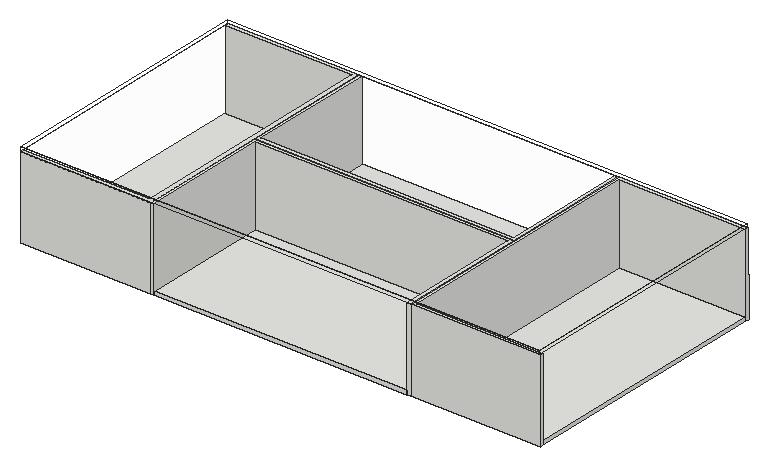
Revit family "Table-Coffee-Teknion-STLC_Masalla-R2013", category Furniture, Revit 2013
Parameters (values of type "4 Box Rectangle, H")
  Width = 66.92913"
  Warranty = "http://www.teknionstudio.com/pdfs/Teknion%20Studio%20Warranty.pdf"
  Unit Weight = 0.00 lbf
  URL = "www.teknionstudio.com"
  Table Top Finish [instance] = Glass - Teknion - A5 - Standard - Clear
  Surface D Finish [instance] = Paint - Teknion - True White
  Surface C Finish [instance] = Paint - Teknion - True White
  Surface B Finish [instance] = Paint - Teknion - True White
  Surface A Finish [instance] = Paint - Teknion - True White
  Series = "Studio"
  Product Line = "Masalla"
  Product Documentation Link = "http://www.teknionstudio.com/pricing/STLC_ppg.pdf"
  Part Number = "STLC"
  Model = "STLC"
  Manufacturer Phone = "919-464-2920"
  Manufacturer Fax = "919-464-2927"
  Manufacturer Email = "customersupport@teknionstudio.com"
  Manufacturer Address = "3941 US 70 Business HWY West, Clayton, NC 27520"
  Manufacturer = "Teknion Studio"
  Low Emitting Material = yes
  Low Emitting Finish = yes
  Height = 12.59843"
  Description = "Masalla Table, 4 Box Rectangle - H"
  Depth = 33.46457"
  Assembly Code = "E2020200"
Reference planes (in)
  plane 1 "Center F/B": y = 0
  plane 2: z = 0
  plane 3 "Center L/R": x = 0
  plane 4 "Left": x = -33.46457
  plane 5 "Right": x = 33.46457
  plane 6 "Back": y = 16.73228
  plane 7 "Front": y = -16.73228
  plane 8 "Top": z = 12.59843
  plane 9: z = 1.5748
  plane 10: z = 12.12598
Forms (in)
  Sweep 1, solid, material "Paint - Teknion - Smoke"
    path origin (0, 0, 0) x (1, 0, 0) y (0, 0, 1)
      loop
        line (0, 0) -> (0, 1.5748)
    profile origin (0, 0, 0.7874) x (-1, 0, 0) y (0, -1, 0)
      loop
        line (31.10236, -14.37008) -> (31.10236, 14.37008) -> (-31.10236, 14.37008) -> (-31.10236, -14.37008) -> (31.10236, -14.37008)
      loop
        line (-30.62992, -13.89764) -> (30.62992, -13.89764) -> (30.62992, 13.89764) -> (-30.62992, 13.89764) -> (-30.62992, -13.89764)
  Sweep 2, solid, material "Paint - Teknion - Smoke"
    path origin (0, 0, 0) x (1, 0, 0) y (0, 0, 1)
      loop
        line (0, 1.5748) -> (0, 1.10236)
    profile origin (0, 0, 1.33858) x (0, -1, 0) y (1, 0, 0)
      loop
        line (-13.89764, -30.62992) -> (13.89764, -30.62992) -> (13.89764, 30.62992) -> (-13.89764, 30.62992) -> (-13.89764, -30.62992)
  Sweep 3, solid, material "Glass - Teknion - A5 - Standard - Clear" <- "Table Top Finish"
    path origin (0, 0, 0) x (1, 0, 0) y (0, 0, 1)
      loop
        line (0, 12.59843) -> (0, 12.12598)
    profile origin (0, 0, 12.3622) x (0, -1, 0) y (1, 0, 0)
      loop
        line (-16.73228, -33.46457) -> (16.73228, -33.46457) -> (16.73228, 33.46457) -> (-16.73228, 33.46457) -> (-16.73228, -33.46457)
  Sweep 4, solid, material "Paint - Teknion - True White" <- "Surface B Finish"
    path origin (0, 0, 0) x (1, 0, 0) y (0, 0, 1)
      loop
        line (0, 1.5748) -> (0, 2.04724)
    profile origin (0, 0, 1.81102) x (-1, 0, 0) y (0, -1, 0)
      loop
        line (16.25984, -16.73228) -> (16.25984, -0.47244) -> (-16.25984, -0.47244) -> (-16.25984, -16.73228) -> (16.25984, -16.73228)
  Sweep 5, solid, material "Paint - Teknion - True White" <- "Surface A Finish"
    path origin (0, 0, 0) x (1, 0, 0) y (0, 0, 1)
      loop
        line (0, 12.12598) -> (0, 1.5748)
    profile origin (0, 0, 6.85039) x (0, -1, 0) y (1, 0, 0)
      loop
        line (-16.73228, -33.46457) -> (-16.25984, -33.46457) -> (-16.25984, -17.20472) -> (16.25984, -17.20472) -> (16.25984, -33.46457) -> (16.73228, -33.46457) -> (16.73228, -16.73228) -> (-16.73228, -16.73228) -> (-16.73228, -33.46457)
  Sweep 6, solid, material "Paint - Teknion - True White" <- "Surface D Finish"
    path origin (0, 0, 0) x (1, 0, 0) y (0, 0, 1)
      loop
        line (0, 1.5748) -> (0, 12.12598)
    profile origin (0, 0, 6.85039) x (-1, 0, 0) y (0, -1, 0)
      loop
        line (-16.73228, -16.73228) -> (-16.73228, 16.73228) -> (-33.46457, 16.73228) -> (-33.46457, 16.25984) -> (-17.20472, 16.25984) -> (-17.20472, -16.25984) -> (-33.46457, -16.25984) -> (-33.46457, -16.73228) -> (-16.73228, -16.73228)
  Sweep 7, solid, material "Paint - Teknion - True White" <- "Surface B Finish"
    path origin (0, 0, 0) x (1, 0, 0) y (0, 0, 1)
      loop
        line (0, 12.12598) -> (0, 1.5748)
    profile origin (0, 0, 6.85039) x (0, -1, 0) y (1, 0, 0)
      loop
        line (-16.73228, -16.73228) -> (0, -16.73228) -> (0, 16.73228) -> (-16.73228, 16.73228) -> (-16.73228, 16.25984) -> (-0.47244, 16.25984) -> (-0.47244, -16.25984) -> (-16.73228, -16.25984) -> (-16.73228, -16.73228)
  Sweep 8, solid, material "Paint - Teknion - True White" <- "Surface C Finish"
    path origin (0, 0, 0) x (1, 0, 0) y (0, 0, 1)
      loop
        line (0, 12.12598) -> (0, 1.5748)
    profile origin (0, 0, 6.85039) x (0, -1, 0) y (1, 0, 0)
      loop
        line (0, 16.73228) -> (0, -16.73228) -> (16.73228, -16.73228) -> (16.73228, -16.25984) -> (0.47244, -16.25984) -> (0.47244, 16.25984) -> (16.73228, 16.25984) -> (16.73228, 16.73228) -> (0, 16.73228)
  Sweep 9, solid, material "Paint - Teknion - True White" <- "Surface D Finish"
    path origin (0, 0, 0) x (-1, 0, 0) y (0, 0, 1)
      loop
        line (0, 1.5748) -> (0, 2.04724)
    profile origin (0, 0, 1.81102) x (-1, 0, 0) y (0, -1, 0)
      loop
        line (-33.46457, -16.25984) -> (-17.20472, -16.25984) -> (-17.20472, 16.25984) -> (-33.46457, 16.25984) -> (-33.46457, -16.25984)
  Sweep 10, solid, material "Paint - Teknion - True White" <- "Surface C Finish"
    path origin (0, 0, 0) x (-1, 0, 0) y (0, 0, 1)
      loop
        line (0, 1.5748) -> (0, 2.04724)
    profile origin (0, 0, 1.81102) x (1, 0, 0) y (0, 1, 0)
      loop
        line (16.25984, -16.73228) -> (16.25984, -0.47244) -> (-16.25984, -0.47244) -> (-16.25984, -16.73228) -> (16.25984, -16.73228)
  Sweep 11, solid, material "Paint - Teknion - True White" <- "Surface A Finish"
    path origin (0, 0, 0) x (1, 0, 0) y (0, 0, -1)
      loop
        line (0, -1.5748) -> (0, -2.04724)
    profile origin (0, 0, 1.81102) x (1, 0, 0) y (0, 1, 0)
      loop
        line (-33.46457, -16.25984) -> (-17.20472, -16.25984) -> (-17.20472, 16.25984) -> (-33.46457, 16.25984) -> (-33.46457, -16.25984)
Lines and regions (in)
  Masking region 1
    outline origin (0, 0, 12.59843) x (-1, 0, 0) y (0, -1, 0)
      loop
        line (33.46457, -16.73228) -> (33.46457, 16.73228) -> (-33.46457, 16.73228) -> (-33.46457, -16.73228) -> (33.46457, -16.73228)
  symbolic lines, style "Hidden Lines", detail levels medium+fine
    curve 1: line (-16.73228, 16.73228, 12.59843) -> (-16.73228, -16.73228, 12.59843)
    curve 2: line (16.73228, 16.73228, 12.59843) -> (16.73228, -16.73228, 12.59843)
    curve 3: line (-16.73228, 0, 12.59843) -> (16.73228, 0, 12.59843)
    curve 8: line (-33.46457, 16.25984, 12.59843) -> (-16.73228, 16.25984, 12.59843)
    curve 9: line (-33.46457, -16.25984, 12.59843) -> (-16.73228, -16.25984, 12.59843)
    curve 11: line (16.73228, 16.25984, 12.59843) -> (33.46457, 16.25984, 12.59843)
    curve 12: line (16.73228, -16.25984, 12.59843) -> (33.46457, -16.25984, 12.59843)
  symbolic lines, style "Hidden Lines", detail levels fine
    curve 4: line (-16.25984, 16.73228, 12.59843) -> (-16.25984, -16.73228, 12.59843)
    curve 5: line (16.25984, 16.73228, 12.59843) -> (16.25984, -16.73228, 12.59843)
    curve 6: line (-16.25984, 0.47244, 12.59843) -> (16.25984, 0.47244, 12.59843)
    curve 7: line (-16.25984, -0.47244, 12.59843) -> (16.25984, -0.47244, 12.59843)
    curve 10: line (-17.20472, 16.25984, 12.59843) -> (-17.20472, -16.25984, 12.59843)
    curve 13: line (17.20472, 16.25984, 12.59843) -> (17.20472, -16.25984, 12.59843)
Dimensions and locks (in)
  "Height": plane 8 "Top" to plane 2
  equal spacing: plane 4 "Left", plane 3 "Center L/R", plane 5 "Right"
  equal spacing: plane 6 "Back", plane 1 "Center F/B", plane 7 "Front"
  "Width": plane 4 "Left" to plane 5 "Right"
  "Depth": plane 6 "Back" to plane 7 "Front"
  Sweep 1 sketch curve to Sweep 1 sketch curve to plane 1 "Center F/B" to Sweep 1 sketch curve to Sweep 1 sketch curve = 0.47244" locked, 13.89764" locked, 13.89764" locked, 0.47244" locked
  Sweep 1 sketch curve to Sweep 1 sketch curve to plane 3 "Center L/R" to Sweep 1 sketch curve to Sweep 1 sketch curve = 0.47244", 30.62992" locked, 30.62992" locked, 0.47244" locked
  Sweep 2 sketch curve to plane 3 "Center L/R" to Sweep 2 sketch curve = 30.62992" locked, 30.62992" locked
  Sweep 2 sketch curve to plane 1 "Center F/B" to Sweep 2 sketch curve = 13.89764" locked, 13.89764" locked
  locked: plane 8 "Top" to Sweep 3 sketch curve at 0.47244
  locked: plane 8 "Top" to plane 10 at 0.47244
  locked: plane 9 to plane 2 at 1.5748
  locked: plane 9 to Sweep 2 sketch curve at 0.47244
  locked: Sweep 4 sketch curve to plane 9 at 0.47244
  locked: plane 1 "Center F/B" to Sweep 4 sketch curve at 0.47244
  locked: Sweep 8 sketch curve to plane 1 "Center F/B" at 0.47244
  locked: Sweep 9 sketch curve to plane 9 at 0.47244
  locked: Sweep 10 sketch curve to plane 9 at 0.47244
  locked: Sweep 11 sketch curve to plane 9 at 0.47244
  locked: plane 4 "Left" to Sweep 5 sketch curve at 16.73228
  locked: Sweep 5 sketch curve to Sweep 5 sketch curve at 0.47244
  locked: plane 6 "Back" to Sweep 5 sketch curve at 0.47244
  locked: plane 7 "Front" to Sweep 5 sketch curve at 0.47244
  locked: plane 6 "Back" to Sweep 6 sketch curve at 0.47244
  locked: plane 7 "Front" to Sweep 6 sketch curve at 0.47244
  locked: Sweep 6 sketch curve to plane 5 "Right" at 16.25984
  locked: Sweep 6 sketch curve to Sweep 6 sketch curve at 0.47244
  Sweep 8 sketch curve to Sweep 8 sketch curve to plane 3 "Center L/R" = 0.47244" locked, 16.25984" locked
  plane 3 "Center L/R" to Sweep 8 sketch curve to Sweep 8 sketch curve = 16.25984" locked, 0.47244" locked
  Sweep 7 sketch curve to Sweep 7 sketch curve to plane 3 "Center L/R" = 0.47244" locked, 16.25984" locked
  plane 3 "Center L/R" to Sweep 7 sketch curve to Sweep 7 sketch curve = 16.25984" locked, 0.47244" locked
  locked: plane 1 "Center F/B" to Sweep 7 sketch curve at 0.47244
  locked: plane 4 "Left" to Sweep 11 sketch curve at 16.25984
  locked: plane 6 "Back" to Sweep 11 sketch curve at 0.47244
  locked: plane 7 "Front" to Sweep 11 sketch curve at 0.47244
  Sweep 4 sketch curve to plane 3 "Center L/R" to Sweep 4 sketch curve = 16.25984" locked, 16.25984" locked
  Sweep 10 sketch curve to plane 3 "Center L/R" to Sweep 10 sketch curve = 16.25984" locked, 16.25984" locked
  locked: Sweep 10 sketch curve to plane 1 "Center F/B" at 0.47244
  locked: Sweep 9 sketch curve to plane 5 "Right" at 16.25984
  locked: plane 6 "Back" to Sweep 9 sketch curve at 0.47244
  locked: plane 7 "Front" to Sweep 9 sketch curve at 0.47244
  curve 1 to plane 3 "Center L/R" to curve 2 = 16.73228" locked, 16.73228" locked
  locked: curve 4 to plane 3 "Center L/R" at 16.25984
  locked: plane 3 "Center L/R" to curve 5 at 16.25984
  curve 7 to plane 1 "Center F/B" to curve 6 = 0.47244" locked, 0.47244" locked
  locked: plane 6 "Back" to curve 8 at 0.47244
  locked: plane 7 "Front" to curve 9 at 0.47244
  locked: plane 4 "Left" to curve 10 at 16.25984
  locked: plane 6 "Back" to curve 11 at 0.47244
  locked: plane 7 "Front" to curve 12 at 0.47244
  locked: curve 13 to plane 5 "Right" at 16.25984
  aligned and locked: level to plane 2
  aligned and locked: plane 3 "Center L/R" to Sweep 1 sketch curve
  aligned and locked: plane 2 to Sweep 1 sketch curve
  aligned and locked: Sweep 2 sketch curve to plane 3 "Center L/R"
  aligned and locked: Sweep 3 sketch curve to plane 3 "Center L/R"
  aligned and locked: plane 8 "Top" to Sweep 3 sketch curve
  aligned and locked: Sweep 3 sketch curve to plane 6 "Back"
  aligned and locked: plane 4 "Left" to Sweep 3 sketch curve
  aligned and locked: Sweep 3 sketch curve to plane 7 "Front"
  aligned and locked: Sweep 3 sketch curve to plane 5 "Right"
  aligned and locked: plane 9 to Sweep 1 sketch curve
  aligned and locked: plane 9 to Sweep 2 sketch curve
  aligned and locked: plane 9 to Sweep 4 sketch curve
  aligned and locked: plane 3 "Center L/R" to Sweep 4 sketch curve
  aligned and locked: Sweep 4 sketch curve to plane 6 "Back"
  aligned and locked: plane 10 to Sweep 5 sketch curve
  aligned and locked: Sweep 5 sketch curve to plane 3 "Center L/R"
  aligned and locked: plane 9 to Sweep 5 sketch curve
  aligned and locked: plane 10 to Sweep 6 sketch curve
  aligned and locked: plane 9 to Sweep 6 sketch curve
  aligned and locked: plane 3 "Center L/R" to Sweep 6 sketch curve
  aligned and locked: plane 10 to Sweep 7 sketch curve
  aligned and locked: plane 9 to Sweep 7 sketch curve
  aligned and locked: Sweep 7 sketch curve to plane 3 "Center L/R"
  aligned and locked: plane 10 to Sweep 8 sketch curve
  aligned and locked: plane 9 to Sweep 8 sketch curve
  aligned and locked: Sweep 8 sketch curve to plane 3 "Center L/R"
  aligned and locked: Sweep 8 sketch curve to plane 1 "Center F/B"
  aligned and locked: Sweep 8 sketch curve to plane 7 "Front"  (x2)
  aligned and locked: plane 9 to Sweep 9 sketch curve
  aligned and locked: Sweep 10 sketch curve to plane 7 "Front"
  aligned and locked: plane 9 to Sweep 10 sketch curve
  aligned and locked: plane 9 to Sweep 11 sketch curve
  aligned and locked: Masking region 1 sketch curve to plane 6 "Back"
  aligned and locked: Masking region 1 sketch curve to plane 5 "Right"
  aligned and locked: Masking region 1 sketch curve to plane 7 "Front"
  aligned and locked: plane 4 "Left" to Masking region 1 sketch curve
  aligned and locked: Sweep 5 sketch curve to plane 4 "Left"  (x2)
  aligned and locked: Sweep 5 sketch curve to plane 6 "Back"
  aligned and locked: Sweep 5 sketch curve to plane 7 "Front"
  aligned and locked: Sweep 6 sketch curve to plane 5 "Right"  (x2)
  aligned and locked: Sweep 6 sketch curve to plane 7 "Front"
  aligned and locked: Sweep 6 sketch curve to plane 6 "Back"
  aligned and locked: Sweep 7 sketch curve to plane 1 "Center F/B"
  aligned and locked: plane 6 "Back" to Sweep 7 sketch curve  (x2)
  aligned and locked: Sweep 11 sketch curve to plane 4 "Left"
  aligned and locked: plane 5 "Right" to Sweep 9 sketch curve
  aligned and locked: plane 7 "Front" to curve 2
  aligned and locked: plane 7 "Front" to curve 1
  aligned and locked: plane 6 "Back" to curve 1
  aligned and locked: plane 6 "Back" to curve 2
  aligned and locked: plane 1 "Center F/B" to curve 3
  aligned and locked: plane 7 "Front" to Sweep 8  (x2)
  aligned and locked: plane 6 "Back" to Sweep 7  (x2)
  aligned and locked: plane 6 "Back" to curve 4
  aligned and locked: plane 7 "Front" to curve 4
  aligned and locked: plane 6 "Back" to curve 5
  aligned and locked: plane 7 "Front" to curve 5
  aligned and locked: curve 4 to curve 7
  aligned and locked: curve 5 to curve 7
  aligned and locked: plane 4 "Left" to curve 8
  aligned and locked: plane 4 "Left" to curve 9
  aligned and locked: curve 1 to curve 9
  aligned and locked: curve 8 to curve 10
  aligned and locked: curve 9 to curve 10
  aligned and locked: plane 5 "Right" to curve 11
  aligned and locked: curve 2 to curve 12
  aligned and locked: plane 5 "Right" to curve 12
  aligned and locked: curve 11 to curve 13
  aligned and locked: curve 12 to curve 13
Automatic sketch dimensions
  Sweep 9 sketch curve to plane 3 "Center L/R" = 0.000"
  Sweep 10 sketch curve to plane 3 "Center L/R" = 0.000"
  Sweep 11 sketch curve to plane 3 "Center L/R" = 0.000"
